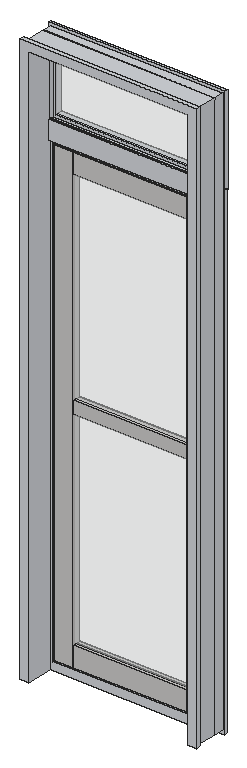
Revit family "APL Residential Thermal Heart Hinged Door with Overlight Open In", category Doors, host Wall, Revit 2017 (continued)
Definition of nested family "APL Residential Thermal Heart Hinged Door with Overlight Open In Vertical Section"
  Definition of nested family "65290_Vision Rail"
    Lines and regions (mm)
      model lines, in view "Ref. Level"
        curve 124: arc (0, 4.45, 0) -> (-0.128, 4.668, 0) -> (-0.381, 4.663, 0) r 0.25
        curve 125: arc (-0.466, 4.611, 0) -> (-0.572, 4.479, 0) -> (-0.569, 4.309, 0) r 0.25
        curve 126: arc (-1.823, 3.544, 0) -> (-1.898, 3.511, 0) -> (-1.979, 3.5, 0) r 0.3
        curve 127: arc (-2.5, 3.5, 0) -> (-2.658, 3.578, 0) -> (-2.694, 3.75, 0) r 0.2
        curve 128: arc (-2.5, 7.753, 0) -> (-2.526, 7.875, 0) -> (-2.6, 7.976, 0) r 0.3
        curve 129: arc (-2.6, 7.976, 0) -> (-2.68, 8.307, 0) -> (-2.4, 8.5, 0) r 0.3
        curve 130: arc (-0.179, 7.957, 0) -> (-0.09, 7.905, 0) -> (-0.038, 7.816, 0) r 0.2
        curve 131: arc (0.007, 7.648, 0) -> (0.148, 7.507, 0) -> (0.341, 7.559, 0) r 0.2
        curve 132: arc (0.705, 7.922, 0) -> (0.765, 8.008, 0) -> (0.792, 8.108, 0) r 0.3
        curve 133: arc (0.999, 10.474, 0) -> (0.883, 10.738, 0) -> (0.597, 10.782, 0) r 0.3
        curve 134: arc (-0.813, 10.268, 0) -> (-0.939, 10.181, 0) -> (-1.005, 10.043, 0) r 0.3
        curve 135: arc (-1.005, 10.043, 0) -> (-1.278, 9.801, 0) -> (-1.583, 10, 0) r 0.3
        curve 136: arc (-17.4, 10, 0) -> (-17.541, 9.941, 0) -> (-17.6, 9.8, 0) r 0.2
        curve 137: arc (-17.6, 9.5, 0) -> (-17.52, 9.2, 0) -> (-17.3, 8.98, 0) r 0.6
        curve 138: arc (-16.2, 8.345, 0) -> (-16.127, 8.272, 0) -> (-16.1, 8.172, 0) r 0.2
        curve 139: arc (-16.1, 2, 0) -> (-16.393, 1.293, 0) -> (-17.1, 1, 0) r 1
        curve 140: arc (-24.437, 1, 0) -> (-25.137, 1.286, 0) -> (-25.437, 1.98, 0) r 1
        curve 141: arc (-25.578, 8.935, 0) -> (-25.543, 9.052, 0) -> (-25.447, 9.127, 0) r 0.2
        curve 142: arc (-25.447, 9.127, 0) -> (-25.279, 9.234, 0) -> (-25.175, 9.403, 0) r 0.45
        curve 143: arc (-25.175, 9.403, 0) -> (-25.171, 9.522, 0) -> (-25.235, 9.621, 0) r 0.2
        curve 144: arc (-26.7, 10, 0) -> (-26.841, 9.941, 0) -> (-26.9, 9.8, 0) r 0.2
        curve 145: arc (-26.9, -9.8, 0) -> (-26.841, -9.941, 0) -> (-26.7, -10, 0) r 0.2
        curve 146: line (-14, -8.4, 0) -> (-10.312, -8.4, 0)
        curve 147: line (-4.297, -1.48, 0) -> (-2.5, -1.48, 0)
        curve 148: line (-2, -0.98, 0) -> (-2, 0.98, 0)
        curve 149: line (-2.5, 1.48, 0) -> (-4.297, 1.48, 0)
        curve 150: line (-10.312, 8.4, 0) -> (-14, 8.4, 0)
        curve 151: line (-14.5, 7.9, 0) -> (-14.5, -7.9, 0)
        curve 152: line (-25.578, -8.935, 0) -> (-25.437, -1.98, 0)
        curve 153: line (-24.437, -1, 0) -> (-17.1, -1, 0)
        curve 154: line (-16.1, -2, 0) -> (-16.1, -8.172, 0)
        curve 155: line (-16.2, -8.345, 0) -> (-17.3, -8.98, 0)
        curve 156: line (-17.6, -9.5, 0) -> (-17.6, -9.8, 0)
        curve 157: line (-17.4, -10, 0) -> (-1.583, -10, 0)
        curve 158: line (-0.813, -10.268, 0) -> (0.597, -10.782, 0)
        curve 159: line (0.999, -10.474, 0) -> (0.792, -8.108, 0)
        curve 160: line (0.705, -7.922, 0) -> (0.341, -7.559, 0)
        curve 161: line (0.007, -7.648, 0) -> (-0.038, -7.816, 0)
        curve 162: line (-0.038, -7.816, 0) -> (-2.168, -8.49, 0)
        curve 163: line (-2.168, -8.49, 0) -> (-2.4, -8.5, 0)
        curve 164: line (-2.5, -7.753, 0) -> (-2.5, -4.525, 0)
        curve 165: line (-2.5, -4.525, 0) -> (-2.694, -3.75, 0)
        curve 166: line (-2.5, -3.5, 0) -> (-1.979, -3.5, 0)
        curve 167: line (-1.979, -3.5, 0) -> (-0.569, -4.309, 0)
        curve 168: line (0, -4.45, 0) -> (0, 4.45, 0)
        curve 169: line (-0.569, 4.309, 0) -> (-1.823, 3.544, 0)
        curve 170: line (-1.823, 3.544, 0) -> (-2.5, 3.5, 0)
        curve 171: line (-2.694, 3.75, 0) -> (-2.506, 4.475, 0)
        curve 172: line (-2.506, 4.475, 0) -> (-2.5, 7.753, 0)
        curve 173: line (-2.246, 8.5, 0) -> (-0.179, 7.957, 0)
        curve 174: line (-0.179, 7.957, 0) -> (0.007, 7.648, 0)
        curve 175: line (0.341, 7.559, 0) -> (0.705, 7.922, 0)
        curve 176: line (0.792, 8.108, 0) -> (0.999, 10.474, 0)
        curve 177: line (0.597, 10.782, 0) -> (-0.813, 10.268, 0)
        curve 178: line (-1.583, 10, 0) -> (-17.4, 10, 0)
        curve 179: line (-17.6, 9.8, 0) -> (-17.6, 9.5, 0)
        curve 180: line (-17.3, 8.98, 0) -> (-16.2, 8.345, 0)
        curve 181: line (-16.1, 8.172, 0) -> (-16.1, 2, 0)
        curve 182: line (-17.1, 1, 0) -> (-24.437, 1, 0)
        curve 183: line (-25.437, 1.98, 0) -> (-25.578, 8.935, 0)
        curve 184: line (-25.235, 9.621, 0) -> (-25.631, 9.953, 0)
        curve 185: line (-25.631, 9.953, 0) -> (-26.7, 10, 0)
        curve 186: line (-26.9, 9.8, 0) -> (-26.9, 0, 0)
        curve 187: line (-26.9, 0, 0) -> (-26.9, -9.8, 0)
        curve 188: line (-26.7, -10, 0) -> (-25.759, -10, 0)
        curve 189: line (-25.759, -10, 0) -> (-25.235, -9.621, 0)
        curve 190: arc (-25.235, -9.621, 0) -> (-25.171, -9.522, 0) -> (-25.175, -9.403, 0) r 0.2
        curve 191: arc (-25.175, -9.403, 0) -> (-25.279, -9.234, 0) -> (-25.447, -9.127, 0) r 0.45
        curve 192: arc (-25.447, -9.127, 0) -> (-25.543, -9.052, 0) -> (-25.578, -8.935, 0) r 0.2
        curve 193: arc (19.005, 9.273, 0) -> (19.186, 9.44, 0) -> (19.424, 9.5, 0) r 0.5
        curve 194: arc (22.5, 9.5, 0) -> (22.854, 9.354, 0) -> (23, 9, 0) r 0.5
        curve 195: arc (23, -9, 0) -> (22.854, -9.354, 0) -> (22.5, -9.5, 0) r 0.5
        curve 196: arc (19.424, -9.5, 0) -> (19.186, -9.44, 0) -> (19.005, -9.273, 0) r 0.5
        curve 197: arc (19.005, -9.273, 0) -> (18.39, -8.706, 0) -> (17.58, -8.5, 0) r 1.7
        curve 198: arc (14.8, -8.5, 0) -> (14.446, -8.354, 0) -> (14.3, -8, 0) r 0.5
        curve 199: arc (14.3, -2, 0) -> (14.154, -1.646, 0) -> (13.8, -1.5, 0) r 0.5
        curve 200: arc (12.3, -1.5, 0) -> (11.946, -1.354, 0) -> (11.8, -1, 0) r 0.5
        curve 201: arc (11.8, 1, 0) -> (11.946, 1.354, 0) -> (12.3, 1.5, 0) r 0.5
        curve 202: arc (13.8, 1.5, 0) -> (14.154, 1.646, 0) -> (14.3, 2, 0) r 0.5
        curve 203: arc (14.3, 8, 0) -> (14.446, 8.354, 0) -> (14.8, 8.5, 0) r 0.5
        curve 204: arc (17.58, 8.5, 0) -> (18.39, 8.706, 0) -> (19.005, 9.273, 0) r 1.7
        curve 205: arc (10.805, -10.043, 0) -> (10.739, -10.181, 0) -> (10.613, -10.268, 0) r 0.3
        curve 206: arc (9.203, -10.782, 0) -> (8.917, -10.738, 0) -> (8.801, -10.474, 0) r 0.3
        curve 207: arc (9.008, -8.108, 0) -> (9.035, -8.008, 0) -> (9.095, -7.922, 0) r 0.3
        curve 208: arc (9.459, -7.559, 0) -> (9.652, -7.507, 0) -> (9.793, -7.648, 0) r 0.2
        curve 209: arc (9.838, -7.816, 0) -> (9.89, -7.905, 0) -> (9.979, -7.957, 0) r 0.2
        curve 210: arc (12.2, -8.5, 0) -> (12.48, -8.307, 0) -> (12.4, -7.976, 0) r 0.3
        curve 211: arc (12.4, -7.976, 0) -> (12.326, -7.875, 0) -> (12.3, -7.753, 0) r 0.3
        curve 212: arc (12.494, -3.75, 0) -> (12.458, -3.578, 0) -> (12.3, -3.5, 0) r 0.2
        curve 213: arc (11.779, -3.5, 0) -> (11.698, -3.511, 0) -> (11.623, -3.544, 0) r 0.3
        curve 214: arc (10.369, -4.309, 0) -> (10.372, -4.479, 0) -> (10.266, -4.611, 0) r 0.25
        curve 215: arc (10.18, -4.663, 0) -> (9.928, -4.668, 0) -> (9.8, -4.45, 0) r 0.25
        curve 216: arc (9.8, 4.45, 0) -> (9.928, 4.668, 0) -> (10.18, 4.663, 0) r 0.25
        curve 217: arc (10.266, 4.611, 0) -> (10.372, 4.479, 0) -> (10.369, 4.309, 0) r 0.25
        curve 218: arc (11.623, 3.544, 0) -> (11.698, 3.511, 0) -> (11.779, 3.5, 0) r 0.3
        curve 219: arc (12.3, 3.5, 0) -> (12.458, 3.578, 0) -> (12.494, 3.75, 0) r 0.2
        curve 220: arc (12.3, 7.753, 0) -> (12.326, 7.875, 0) -> (12.4, 7.976, 0) r 0.3
        curve 221: arc (12.4, 7.976, 0) -> (12.48, 8.307, 0) -> (12.2, 8.5, 0) r 0.3
        curve 222: arc (9.979, 7.957, 0) -> (9.89, 7.905, 0) -> (9.838, 7.816, 0) r 0.2
        curve 223: arc (9.793, 7.648, 0) -> (9.652, 7.507, 0) -> (9.459, 7.559, 0) r 0.2
        curve 224: arc (9.095, 7.922, 0) -> (9.035, 8.008, 0) -> (9.008, 8.108, 0) r 0.3
        curve 225: arc (8.801, 10.474, 0) -> (8.917, 10.738, 0) -> (9.203, 10.782, 0) r 0.3
        curve 226: arc (10.613, 10.268, 0) -> (10.739, 10.181, 0) -> (10.805, 10.043, 0) r 0.3
        curve 227: arc (10.805, 10.043, 0) -> (11.078, 9.801, 0) -> (11.383, 10, 0) r 0.3
        curve 228: arc (17.58, 10, 0) -> (17.721, 10.059, 0) -> (17.78, 10.2, 0) r 0.2
        curve 229: arc (17.78, 10.8, 0) -> (17.839, 10.941, 0) -> (17.98, 11, 0) r 0.2
        curve 230: arc (22.8, 11, 0) -> (22.941, 11.059, 0) -> (23, 11.2, 0) r 0.2
        curve 231: arc (23, 27, 0) -> (22.854, 27.354, 0) -> (22.5, 27.5, 0) r 0.5
        curve 232: arc (20.1, 27.5, 0) -> (19.746, 27.354, 0) -> (19.6, 27, 0) r 0.5
        curve 233: arc (19.6, 21.7, 0) -> (19.541, 21.559, 0) -> (19.4, 21.5, 0) r 0.2
        curve 234: arc (15.8, 21.5, 0) -> (15.659, 21.559, 0) -> (15.6, 21.7, 0) r 0.2
        curve 235: arc (15.6, 23.25, 0) -> (16.1, 23.75, 0) -> (16.6, 23.25, 0) r 0.5
        curve 236: arc (16.6, 22.7, 0) -> (16.659, 22.559, 0) -> (16.8, 22.5, 0) r 0.2
        curve 237: arc (17.9, 22.5, 0) -> (18.041, 22.559, 0) -> (18.1, 22.7, 0) r 0.2
        curve 238: arc (18.1, 27.8, 0) -> (18.041, 27.941, 0) -> (17.9, 28, 0) r 0.2
        curve 239: arc (16.8, 28, 0) -> (16.659, 27.941, 0) -> (16.6, 27.8, 0) r 0.2
        curve 240: arc (16.6, 27.25, 0) -> (16.1, 26.75, 0) -> (15.6, 27.25, 0) r 0.5
        curve 241: arc (15.6, 28.5, 0) -> (15.746, 28.854, 0) -> (16.1, 29, 0) r 0.5
        curve 242: arc (24, 29, 0) -> (24.354, 28.854, 0) -> (24.5, 28.5, 0) r 0.5
        curve 243: arc (24.5, -28.5, 0) -> (24.354, -28.854, 0) -> (24, -29, 0) r 0.5
        curve 244: arc (16.1, -29, 0) -> (15.746, -28.854, 0) -> (15.6, -28.5, 0) r 0.5
        curve 245: arc (15.6, -27.25, 0) -> (16.1, -26.75, 0) -> (16.6, -27.25, 0) r 0.5
        curve 246: arc (16.6, -27.8, 0) -> (16.659, -27.941, 0) -> (16.8, -28, 0) r 0.2
        curve 247: arc (17.9, -28, 0) -> (18.041, -27.941, 0) -> (18.1, -27.8, 0) r 0.2
        curve 248: arc (18.1, -22.7, 0) -> (18.041, -22.559, 0) -> (17.9, -22.5, 0) r 0.2
        curve 249: arc (16.8, -22.5, 0) -> (16.659, -22.559, 0) -> (16.6, -22.7, 0) r 0.2
        curve 250: arc (16.6, -23.25, 0) -> (16.1, -23.75, 0) -> (15.6, -23.25, 0) r 0.5
        curve 251: arc (15.6, -21.7, 0) -> (15.659, -21.559, 0) -> (15.8, -21.5, 0) r 0.2
        curve 252: arc (19.4, -21.5, 0) -> (19.541, -21.559, 0) -> (19.6, -21.7, 0) r 0.2
        curve 253: arc (19.6, -27, 0) -> (19.746, -27.354, 0) -> (20.1, -27.5, 0) r 0.5
        curve 254: arc (22.5, -27.5, 0) -> (22.854, -27.354, 0) -> (23, -27, 0) r 0.5
        curve 255: arc (23, -11.2, 0) -> (22.941, -11.059, 0) -> (22.8, -11, 0) r 0.2
        curve 256: arc (17.98, -11, 0) -> (17.839, -10.941, 0) -> (17.78, -10.8, 0) r 0.2
        curve 257: arc (17.78, -10.2, 0) -> (17.721, -10.059, 0) -> (17.58, -10, 0) r 0.2
        curve 258: line (19.424, 9.5, 0) -> (22.5, 9.5, 0)
        curve 259: line (23, 9, 0) -> (23, -9, 0)
        curve 260: line (22.5, -9.5, 0) -> (19.424, -9.5, 0)
        curve 261: line (17.58, -8.5, 0) -> (14.8, -8.5, 0)
        curve 262: line (14.3, -8, 0) -> (14.3, -2, 0)
        curve 263: line (13.8, -1.5, 0) -> (12.3, -1.5, 0)
        curve 264: line (11.8, -1, 0) -> (11.8, 1, 0)
        curve 265: line (12.3, 1.5, 0) -> (13.8, 1.5, 0)
        curve 266: line (14.3, 2, 0) -> (14.3, 8, 0)
        curve 267: line (14.8, 8.5, 0) -> (17.58, 8.5, 0)
        curve 268: line (10.613, -10.268, 0) -> (9.203, -10.782, 0)
        curve 269: line (8.801, -10.474, 0) -> (9.008, -8.108, 0)
        curve 270: line (9.095, -7.922, 0) -> (9.459, -7.559, 0)
        curve 271: line (9.793, -7.648, 0) -> (9.838, -7.816, 0)
        curve 272: line (9.838, -7.816, 0) -> (11.968, -8.49, 0)
        curve 273: line (11.968, -8.49, 0) -> (12.2, -8.5, 0)
        curve 274: line (12.3, -7.753, 0) -> (12.3, -4.525, 0)
        curve 275: line (12.3, -4.525, 0) -> (12.494, -3.75, 0)
        curve 276: line (12.3, -3.5, 0) -> (11.779, -3.5, 0)
        curve 277: line (11.779, -3.5, 0) -> (10.369, -4.309, 0)
        curve 278: line (9.8, -4.45, 0) -> (9.8, 4.45, 0)
        curve 279: line (10.369, 4.309, 0) -> (11.623, 3.544, 0)
        curve 280: line (11.623, 3.544, 0) -> (12.3, 3.5, 0)
        curve 281: line (12.494, 3.75, 0) -> (12.3, 4.5, 0)
        curve 282: line (12.306, 4.475, 0) -> (12.3, 7.753, 0)
        curve 283: line (12.046, 8.5, 0) -> (9.979, 7.957, 0)
        curve 284: line (9.979, 7.957, 0) -> (9.793, 7.648, 0)
        curve 285: line (9.459, 7.559, 0) -> (9.095, 7.922, 0)
        curve 286: line (9.008, 8.108, 0) -> (8.801, 10.474, 0)
        curve 287: line (9.203, 10.782, 0) -> (10.613, 10.268, 0)
        curve 288: line (11.383, 10, 0) -> (17.58, 10, 0)
        curve 289: line (17.78, 10.2, 0) -> (17.78, 10.8, 0)
        curve 290: line (17.98, 11, 0) -> (22.8, 11, 0)
        curve 291: line (23, 11.2, 0) -> (23, 27, 0)
        curve 292: line (22.5, 27.5, 0) -> (20.1, 27.5, 0)
        curve 293: line (19.6, 27, 0) -> (19.6, 21.7, 0)
        curve 294: line (19.4, 21.5, 0) -> (15.8, 21.5, 0)
        curve 295: line (15.6, 21.7, 0) -> (15.6, 23.25, 0)
        curve 296: line (16.6, 23.25, 0) -> (16.6, 22.7, 0)
        curve 297: line (16.8, 22.5, 0) -> (17.9, 22.5, 0)
        curve 298: line (18.1, 22.7, 0) -> (18.1, 27.8, 0)
        curve 299: line (17.9, 28, 0) -> (16.8, 28, 0)
        curve 300: line (16.6, 27.8, 0) -> (16.6, 27.25, 0)
        curve 301: line (15.6, 27.25, 0) -> (15.6, 28.5, 0)
        curve 302: line (16.1, 29, 0) -> (24, 29, 0)
        curve 303: line (24.5, 28.5, 0) -> (24.5, 0, 0)
        curve 304: line (24.5, 0, 0) -> (24.5, -28.5, 0)
        curve 305: line (24, -29, 0) -> (16.1, -29, 0)
        curve 306: line (15.6, -28.5, 0) -> (15.6, -27.25, 0)
        curve 307: line (16.6, -27.25, 0) -> (16.6, -27.8, 0)
        curve 308: line (16.8, -28, 0) -> (17.9, -28, 0)
        curve 309: line (18.1, -27.8, 0) -> (18.1, -22.7, 0)
        curve 310: line (17.9, -22.5, 0) -> (16.8, -22.5, 0)
        curve 311: line (16.6, -22.7, 0) -> (16.6, -23.25, 0)
        curve 312: line (15.6, -23.25, 0) -> (15.6, -21.7, 0)
        curve 313: line (15.8, -21.5, 0) -> (19.4, -21.5, 0)
        curve 314: line (19.6, -21.7, 0) -> (19.6, -27, 0)
        curve 315: line (20.1, -27.5, 0) -> (22.5, -27.5, 0)
        curve 316: line (23, -27, 0) -> (23, -11.2, 0)
        curve 317: line (22.8, -11, 0) -> (17.98, -11, 0)
        curve 318: line (17.78, -10.8, 0) -> (17.78, -10.2, 0)
        curve 319: line (17.58, -10, 0) -> (11.383, -10, 0)
        curve 320: arc (11.383, -10, 0) -> (11.078, -9.801, 0) -> (10.805, -10.043, 0) r 0.3
      detail lines, in view "Ref. Level"
        curve 321: arc (13.882, 30.356, 0) -> (13.572, 30.496, 0) -> (13.409, 30.197, 0) r 0.25
        curve 322: arc (13.436, 20.309, 0) -> (13.598, 20.009, 0) -> (13.908, 20.149, 0) r 0.25
        curve 323: line (13.409, 30.197, 0) -> (14.403, 26.329, 0)
        curve 324: line (14.403, 26.329, 0) -> (13.4, 25.75, 0)
        curve 325: line (13.4, 25.75, 0) -> (13.4, 24.75, 0)
        curve 326: line (13.4, 24.75, 0) -> (14.425, 24.158, 0)
        curve 327: line (14.425, 24.158, 0) -> (13.436, 20.309, 0)
        curve 328: line (13.908, 20.149, 0) -> (15.632, 24.25, 0)
        curve 329: line (15.632, 24.25, 0) -> (16.9, 24.25, 0)
        curve 330: line (16.9, 24.25, 0) -> (16.9, 23, 0)
        curve 331: line (16.9, 23, 0) -> (17.9, 23, 0)
        curve 332: line (17.9, 23, 0) -> (17.9, 27.5, 0)
        curve 333: line (17.9, 27.5, 0) -> (16.9, 27.5, 0)
        curve 334: line (16.9, 27.5, 0) -> (16.9, 26.25, 0)
        curve 335: line (16.9, 26.25, 0) -> (15.608, 26.25, 0)
        curve 336: line (15.608, 26.25, 0) -> (13.882, 30.356, 0)
        curve 353: arc (13.882, -30.356, 0) -> (13.572, -30.496, 0) -> (13.409, -30.197, 0) r 0.25
        curve 354: arc (13.436, -20.309, 0) -> (13.598, -20.009, 0) -> (13.908, -20.149, 0) r 0.25
        curve 355: line (13.409, -30.197, 0) -> (14.403, -26.329, 0)
        curve 356: line (14.403, -26.329, 0) -> (13.4, -25.75, 0)
        curve 357: line (13.4, -25.75, 0) -> (13.4, -24.75, 0)
        curve 358: line (13.4, -24.75, 0) -> (14.425, -24.158, 0)
        curve 359: line (14.425, -24.158, 0) -> (13.436, -20.309, 0)
        curve 360: line (13.908, -20.149, 0) -> (15.632, -24.25, 0)
        curve 361: line (15.632, -24.25, 0) -> (16.9, -24.25, 0)
        curve 362: line (16.9, -24.25, 0) -> (16.9, -23, 0)
        curve 363: line (16.9, -23, 0) -> (17.9, -23, 0)
        curve 364: line (17.9, -23, 0) -> (17.9, -27.5, 0)
        curve 365: line (17.9, -27.5, 0) -> (16.9, -27.5, 0)
        curve 366: line (16.9, -27.5, 0) -> (16.9, -26.25, 0)
        curve 367: line (16.9, -26.25, 0) -> (15.608, -26.25, 0)
        curve 368: line (15.608, -26.25, 0) -> (13.882, -30.356, 0)
      detail lines, in view "Ref. Level", not visible
        curve 337: arc (27.921, 135.423, 0) -> (27.611, 135.563, 0) -> (27.449, 135.264, 0) r 0.25
        curve 338: arc (27.475, 125.376, 0) -> (27.637, 125.077, 0) -> (27.948, 125.217, 0) r 0.25
        curve 339: line (27.449, 135.264, 0) -> (28.443, 131.396, 0)
        curve 340: line (28.443, 131.396, 0) -> (27.439, 130.817, 0)
        curve 341: line (27.439, 130.817, 0) -> (27.439, 129.817, 0)
        curve 342: line (27.439, 129.817, 0) -> (28.465, 129.225, 0)
        curve 343: line (28.465, 129.225, 0) -> (27.475, 125.376, 0)
        curve 344: line (27.948, 125.217, 0) -> (29.672, 129.317, 0)
        curve 345: line (29.672, 129.317, 0) -> (30.939, 129.317, 0)
        curve 346: line (30.939, 129.317, 0) -> (30.939, 128.067, 0)
        curve 347: line (30.939, 128.067, 0) -> (31.939, 128.067, 0)
        curve 348: line (31.939, 128.067, 0) -> (31.939, 132.567, 0)
        curve 349: line (31.939, 132.567, 0) -> (30.939, 132.567, 0)
        curve 350: line (30.939, 132.567, 0) -> (30.939, 131.317, 0)
        curve 351: line (30.939, 131.317, 0) -> (29.647, 131.317, 0)
        curve 352: line (29.647, 131.317, 0) -> (27.921, 135.423, 0)
    Text (mm)
      text "65290" at (-27.345, 32.26, 0), in view "Ref. Level"
  Definition of nested family "65180_Sidelight Frame"
    Reference planes
      plane 1 "Center (Front/Back)": y = 0
      plane 2: z = 0
      plane 3 "Center (Left/Right)": x = 0
    Lines and regions (mm)
      model lines, in view "Ref. Level"
        curve 1: arc (13.922, -26.595, 0) -> (14.008, -26.535, 0) -> (14.108, -26.508, 0) r 0.3
        curve 2: arc (16.474, -26.301, 0) -> (16.738, -26.417, 0) -> (16.782, -26.703, 0) r 0.3
        curve 3: arc (16.268, -28.113, 0) -> (16.181, -28.239, 0) -> (16.043, -28.305, 0) r 0.3
        curve 4: arc (16.043, -28.305, 0) -> (15.801, -28.578, 0) -> (16, -28.883, 0) r 0.3
        curve 5: arc (16, -33, 0) -> (15.941, -33.141, 0) -> (15.8, -33.2, 0) r 0.2
        curve 6: arc (15.5, -33.2, 0) -> (15.2, -33.12, 0) -> (14.98, -32.9, 0) r 0.6
        curve 7: arc (14.345, -31.8, 0) -> (14.272, -31.727, 0) -> (14.172, -31.7, 0) r 0.2
        curve 8: arc (-2.699, -31.7, 0) -> (-3.407, -31.993, 0) -> (-3.7, -32.7, 0) r 1
        curve 9: arc (-3.7, -34.764, 0) -> (-3.662, -34.956, 0) -> (-3.554, -35.118, 0) r 0.5
        curve 10: arc (1.791, -40.463, 0) -> (2.1, -40.673, 0) -> (2.463, -40.755, 0) r 1
        curve 11: arc (14.935, -41.178, 0) -> (15.052, -41.143, 0) -> (15.127, -41.047, 0) r 0.2
        curve 12: arc (15.127, -41.047, 0) -> (15.234, -40.879, 0) -> (15.403, -40.775, 0) r 0.45
        curve 13: arc (15.403, -40.775, 0) -> (15.522, -40.771, 0) -> (15.621, -40.835, 0) r 0.2
        curve 14: arc (16, -42.3, 0) -> (15.941, -42.441, 0) -> (15.8, -42.5, 0) r 0.2
        curve 15: arc (2.243, -42.5, 0) -> (1.095, -42.272, 0) -> (0.121, -41.621, 0) r 3
        curve 16: arc (-4.121, -37.379, 0) -> (-5.095, -36.728, 0) -> (-6.243, -36.5, 0) r 3
        curve 17: arc (-19, -36.5, 0) -> (-19.707, -36.207, 0) -> (-20, -35.5, 0) r 1
        curve 18: arc (-20, -29.708, 0) -> (-19.944, -29.561, 0) -> (-19.8, -29.5, 0) r 0.2
        curve 19: arc (-19, -29.5, 0) -> (-18.859, -29.559, 0) -> (-18.8, -29.7, 0) r 0.2
        curve 20: arc (-18.8, -29.995, 0) -> (-18.547, -30.43, 0) -> (-18.044, -30.424, 0) r 0.5
        curve 21: arc (-18.044, -30.424, 0) -> (-16.297, -30.007, 0) -> (-14.624, -30.663, 0) r 3
        curve 22: arc (-14.624, -30.663, 0) -> (-14.512, -31.7, 0) -> (-15.549, -31.812, 0) r 0.737
        curve 23: arc (-15.549, -31.812, 0) -> (-16.505, -31.475, 0) -> (-17.461, -31.812, 0) r 1.525
        curve 24: arc (-17.461, -31.812, 0) -> (-17.612, -31.906, 0) -> (-17.78, -31.961, 0) r 0.737
        curve 25: arc (-17.78, -31.961, 0) -> (-17.992, -32.058, 0) -> (-18.137, -32.24, 0) r 0.5
        curve 26: arc (-18.137, -32.24, 0) -> (-18.305, -33, 0) -> (-18.136, -33.76, 0) r 1.8
        curve 27: arc (-18.136, -33.76, 0) -> (-17.992, -33.942, 0) -> (-17.781, -34.039, 0) r 0.5
        curve 28: arc (-17.781, -34.039, 0) -> (-17.613, -34.094, 0) -> (-17.462, -34.187, 0) r 0.75
        curve 29: arc (-17.462, -34.187, 0) -> (-16.505, -34.525, 0) -> (-15.548, -34.187, 0) r 1.525
        curve 30: arc (-15.548, -34.187, 0) -> (-14.677, -34.143, 0) -> (-14.353, -34.952, 0) r 0.75
        curve 31: arc (-14.353, -34.952, 0) -> (-14.316, -35.123, 0) -> (-14.159, -35.2, 0) r 0.2
        curve 32: arc (-6.7, -35.2, 0) -> (-6.346, -35.053, 0) -> (-6.2, -34.7, 0) r 0.5
        curve 33: arc (-6.2, -32.7, 0) -> (-5.175, -30.225, 0) -> (-2.7, -29.2, 0) r 3.5
        curve 34: arc (-0.2, -29.2, 0) -> (-0.059, -29.141, 0) -> (0, -29, 0) r 0.2
        curve 35: arc (0, -28.883, 0) -> (0.199, -28.578, 0) -> (-0.043, -28.305, 0) r 0.3
        curve 36: arc (-0.043, -28.305, 0) -> (-0.181, -28.239, 0) -> (-0.268, -28.113, 0) r 0.3
        curve 37: arc (-0.782, -26.703, 0) -> (-0.738, -26.417, 0) -> (-0.474, -26.301, 0) r 0.3
        curve 38: arc (1.892, -26.508, 0) -> (1.992, -26.535, 0) -> (2.078, -26.595, 0) r 0.3
        curve 39: arc (2.441, -26.959, 0) -> (2.493, -27.152, 0) -> (2.352, -27.293, 0) r 0.2
        curve 40: arc (2.184, -27.338, 0) -> (2.095, -27.39, 0) -> (2.043, -27.479, 0) r 0.2
        curve 41: arc (1.5, -29.7, 0) -> (1.693, -29.98, 0) -> (2.024, -29.9, 0) r 0.3
        curve 42: arc (2.024, -29.9, 0) -> (2.125, -29.826, 0) -> (2.247, -29.8, 0) r 0.3
        curve 43: arc (6.25, -29.994, 0) -> (6.422, -29.958, 0) -> (6.5, -29.8, 0) r 0.2
        curve 44: arc (6.5, -29.279, 0) -> (6.489, -29.198, 0) -> (6.456, -29.123, 0) r 0.3
        curve 45: arc (5.691, -27.869, 0) -> (5.521, -27.872, 0) -> (5.389, -27.766, 0) r 0.25
        curve 46: arc (5.337, -27.68, 0) -> (5.332, -27.428, 0) -> (5.55, -27.3, 0) r 0.25
        curve 47: arc (7.125, -27.3, 0) -> (7.522, -27.382, 0) -> (7.854, -27.615, 0) r 1
        curve 48: arc (7.854, -27.615, 0) -> (8, -27.678, 0) -> (8.146, -27.615, 0) r 0.2
        curve 49: arc (8.146, -27.615, 0) -> (8.477, -27.382, 0) -> (8.874, -27.3, 0) r 1
        curve 50: arc (10.45, -27.3, 0) -> (10.668, -27.427, 0) -> (10.663, -27.68, 0) r 0.25
        curve 51: arc (10.611, -27.766, 0) -> (10.479, -27.872, 0) -> (10.309, -27.869, 0) r 0.25
        curve 52: arc (9.544, -29.123, 0) -> (9.511, -29.198, 0) -> (9.5, -29.279, 0) r 0.3
        curve 53: arc (9.5, -29.8, 0) -> (9.578, -29.958, 0) -> (9.75, -29.994, 0) r 0.2
        curve 54: arc (13.753, -29.8, 0) -> (13.875, -29.826, 0) -> (13.976, -29.9, 0) r 0.3
        curve 55: arc (13.976, -29.9, 0) -> (14.307, -29.98, 0) -> (14.5, -29.7, 0) r 0.3
        curve 56: arc (13.957, -27.479, 0) -> (13.905, -27.39, 0) -> (13.816, -27.338, 0) r 0.2
        curve 57: arc (13.648, -27.293, 0) -> (13.507, -27.152, 0) -> (13.559, -26.959, 0) r 0.2
        curve 58: line (14.108, -26.508, 0) -> (16.474, -26.301, 0)
        curve 59: line (16.782, -26.703, 0) -> (16.268, -28.113, 0)
        curve 60: line (16, -28.883, 0) -> (16, -33, 0)
        curve 61: line (15.8, -33.2, 0) -> (15.5, -33.2, 0)
        curve 62: line (14.98, -32.9, 0) -> (14.345, -31.8, 0)
        curve 63: line (14.172, -31.7, 0) -> (-2.699, -31.7, 0)
        curve 64: line (-3.7, -32.7, 0) -> (-3.7, -34.764, 0)
        curve 65: line (-3.554, -35.118, 0) -> (1.791, -40.463, 0)
        curve 66: line (2.463, -40.755, 0) -> (14, -41.158, 0)
        curve 67: line (14, -41.158, 0) -> (14.935, -41.178, 0)
        curve 68: line (15.621, -40.835, 0) -> (15.953, -41.231, 0)
        curve 69: line (15.953, -41.231, 0) -> (16, -42.3, 0)
        curve 70: line (15.8, -42.5, 0) -> (2.243, -42.5, 0)
        curve 71: line (0.121, -41.621, 0) -> (-4.121, -37.379, 0)
        curve 72: line (-6.243, -36.5, 0) -> (-19, -36.5, 0)
        curve 73: line (-20, -35.5, 0) -> (-20, -29.708, 0)
        curve 74: line (-19.8, -29.5, 0) -> (-19, -29.5, 0)
        curve 75: line (-18.8, -29.7, 0) -> (-18.8, -29.995, 0)
        curve 76: line (-14.159, -35.2, 0) -> (-6.7, -35.2, 0)
        curve 77: line (-6.2, -34.7, 0) -> (-6.2, -32.7, 0)
        curve 78: line (-2.7, -29.2, 0) -> (-0.2, -29.2, 0)
        curve 79: line (-0.268, -28.113, 0) -> (-0.782, -26.703, 0)
        curve 80: line (-0.474, -26.301, 0) -> (1.892, -26.508, 0)
        curve 81: line (2.078, -26.595, 0) -> (2.441, -26.959, 0)
        curve 82: line (2.352, -27.293, 0) -> (2.184, -27.338, 0)
        curve 83: line (2.184, -27.338, 0) -> (1.51, -29.468, 0)
        curve 84: line (1.51, -29.468, 0) -> (1.5, -29.7, 0)
        curve 85: line (2.247, -29.8, 0) -> (5.475, -29.8, 0)
        curve 86: line (5.475, -29.8, 0) -> (6.25, -29.994, 0)
        curve 87: line (6.5, -29.8, 0) -> (6.5, -29.279, 0)
        curve 88: line (6.5, -29.279, 0) -> (5.691, -27.869, 0)
        curve 89: line (5.55, -27.3, 0) -> (7.125, -27.3, 0)
        curve 90: line (8.874, -27.3, 0) -> (10.45, -27.3, 0)
        curve 91: line (10.309, -27.869, 0) -> (9.544, -29.123, 0)
        curve 92: line (9.544, -29.123, 0) -> (9.5, -29.8, 0)
        curve 93: line (9.75, -29.994, 0) -> (10.5, -29.8, 0)
        curve 94: line (10.475, -29.806, 0) -> (13.753, -29.8, 0)
        curve 95: line (14.5, -29.546, 0) -> (13.957, -27.479, 0)
        curve 96: line (13.957, -27.479, 0) -> (13.648, -27.293, 0)
        curve 97: line (13.559, -26.959, 0) -> (13.922, -26.595, 0)
        curve 98: arc (5.6, -29.8, 0) -> (5.883, -29.683, 0) -> (6, -29.4, 0) r 0.4
        curve 99: arc (6, -29.107, 0) -> (5.986, -29.004, 0) -> (5.946, -28.907, 0) r 0.4
        curve 100: arc (5.061, -27.379, 0) -> (4.941, -27.089, 0) -> (4.9, -26.778, 0) r 1.2
        curve 101: arc (4.9, -25.855, 0) -> (4.719, -25.282, 0) -> (4.242, -24.916, 0) r 1
        curve 102: arc (2.063, -24.123, 0) -> (1.872, -23.976, 0) -> (1.8, -23.747, 0) r 0.4
        curve 103: arc (1.8, -21.053, 0) -> (1.872, -20.824, 0) -> (2.063, -20.677, 0) r 0.4
        curve 104: arc (4.242, -19.884, 0) -> (4.719, -19.518, 0) -> (4.9, -18.945, 0) r 1
        curve 105: arc (4.9, -18.022, 0) -> (4.941, -17.711, 0) -> (5.061, -17.421, 0) r 1.2
        curve 106: arc (5.946, -15.893, 0) -> (5.986, -15.796, 0) -> (6, -15.693, 0) r 0.4
        curve 107: arc (6, -15.4, 0) -> (5.883, -15.117, 0) -> (5.6, -15, 0) r 0.4
        curve 108: arc (2.2, -15, 0) -> (1.917, -15.117, 0) -> (1.8, -15.4, 0) r 0.4
        curve 109: arc (1.8, -15.693, 0) -> (1.814, -15.796, 0) -> (1.854, -15.893, 0) r 0.4
        curve 110: arc (2.739, -17.421, 0) -> (2.86, -17.715, 0) -> (2.9, -18.03, 0) r 1.2
        curve 111: arc (2.9, -18.03, 0) -> (2.847, -18.205, 0) -> (2.703, -18.316, 0) r 0.3
        curve 112: arc (0.263, -19.204, 0) -> (0.072, -19.351, 0) -> (0, -19.58, 0) r 0.4
        curve 113: arc (0, -25.22, 0) -> (0.072, -25.449, 0) -> (0.263, -25.596, 0) r 0.4
        curve 114: arc (2.703, -26.484, 0) -> (2.847, -26.595, 0) -> (2.9, -26.77, 0) r 0.3
        curve 115: arc (2.9, -26.77, 0) -> (2.86, -27.085, 0) -> (2.739, -27.379, 0) r 1.2
        curve 116: arc (1.854, -28.907, 0) -> (1.814, -29.004, 0) -> (1.8, -29.107, 0) r 0.4
        curve 117: arc (1.8, -29.4, 0) -> (1.917, -29.683, 0) -> (2.2, -29.8, 0) r 0.4
        curve 118: line (6, -29.4, 0) -> (6, -29.107, 0)
        curve 119: line (5.946, -28.907, 0) -> (5.061, -27.379, 0)
        curve 120: line (4.9, -26.778, 0) -> (4.9, -25.855, 0)
        curve 121: line (4.242, -24.916, 0) -> (2.063, -24.123, 0)
        curve 122: line (1.8, -23.747, 0) -> (1.8, -21.053, 0)
        curve 123: line (2.063, -20.677, 0) -> (4.242, -19.884, 0)
        curve 124: line (4.9, -18.945, 0) -> (4.9, -18.022, 0)
        curve 125: line (5.061, -17.421, 0) -> (5.946, -15.893, 0)
        curve 126: line (6, -15.693, 0) -> (6, -15.4, 0)
        curve 127: line (5.6, -15, 0) -> (2.2, -15, 0)
        curve 128: line (1.8, -15.4, 0) -> (1.8, -15.693, 0)
        curve 129: line (1.854, -15.893, 0) -> (2.739, -17.421, 0)
        curve 130: line (2.703, -18.316, 0) -> (0.263, -19.204, 0)
        curve 131: line (0, -19.58, 0) -> (0, -25.22, 0)
        curve 132: line (0.263, -25.596, 0) -> (2.703, -26.484, 0)
        curve 133: line (2.739, -27.379, 0) -> (1.854, -28.907, 0)
        curve 134: line (1.8, -29.107, 0) -> (1.8, -29.4, 0)
        curve 135: line (2.2, -29.8, 0) -> (5.6, -29.8, 0)
        curve 136: arc (10.4, -29.8, 0) -> (10.117, -29.683, 0) -> (10, -29.4, 0) r 0.4
        curve 137: arc (10, -29.107, 0) -> (10.014, -29.004, 0) -> (10.054, -28.907, 0) r 0.4
        curve 138: arc (10.939, -27.379, 0) -> (11.059, -27.089, 0) -> (11.1, -26.778, 0) r 1.2
        curve 139: arc (11.1, -25.855, 0) -> (11.281, -25.282, 0) -> (11.758, -24.916, 0) r 1
        curve 140: arc (13.937, -24.123, 0) -> (14.128, -23.976, 0) -> (14.2, -23.747, 0) r 0.4
        curve 141: arc (14.2, -21.053, 0) -> (14.128, -20.824, 0) -> (13.937, -20.677, 0) r 0.4
        curve 142: arc (11.758, -19.884, 0) -> (11.281, -19.518, 0) -> (11.1, -18.945, 0) r 1
        curve 143: arc (11.1, -18.022, 0) -> (11.059, -17.711, 0) -> (10.939, -17.421, 0) r 1.2
        curve 144: arc (10.054, -15.893, 0) -> (10.014, -15.796, 0) -> (10, -15.693, 0) r 0.4
        curve 145: arc (10, -15.4, 0) -> (10.117, -15.117, 0) -> (10.4, -15, 0) r 0.4
        curve 146: arc (13.8, -15, 0) -> (14.083, -15.117, 0) -> (14.2, -15.4, 0) r 0.4
        curve 147: arc (14.2, -15.693, 0) -> (14.186, -15.796, 0) -> (14.146, -15.893, 0) r 0.4
        curve 148: arc (13.261, -17.421, 0) -> (13.14, -17.715, 0) -> (13.1, -18.03, 0) r 1.2
        curve 149: arc (13.1, -18.03, 0) -> (13.153, -18.205, 0) -> (13.297, -18.316, 0) r 0.3
        curve 150: arc (15.737, -19.204, 0) -> (15.928, -19.351, 0) -> (16, -19.58, 0) r 0.4
        curve 151: arc (16, -25.22, 0) -> (15.928, -25.449, 0) -> (15.737, -25.596, 0) r 0.4
        curve 152: arc (13.297, -26.484, 0) -> (13.153, -26.595, 0) -> (13.1, -26.77, 0) r 0.3
        curve 153: arc (13.1, -26.77, 0) -> (13.14, -27.085, 0) -> (13.261, -27.379, 0) r 1.2
        curve 154: arc (14.146, -28.907, 0) -> (14.186, -29.004, 0) -> (14.2, -29.107, 0) r 0.4
        curve 155: arc (14.2, -29.4, 0) -> (14.083, -29.683, 0) -> (13.8, -29.8, 0) r 0.4
        curve 156: line (10, -29.4, 0) -> (10, -29.107, 0)
        curve 157: line (10.054, -28.907, 0) -> (10.939, -27.379, 0)
        curve 158: line (11.1, -26.778, 0) -> (11.1, -25.855, 0)
        curve 159: line (11.758, -24.916, 0) -> (13.937, -24.123, 0)
        curve 160: line (14.2, -23.747, 0) -> (14.2, -21.053, 0)
        curve 161: line (13.937, -20.677, 0) -> (11.758, -19.884, 0)
        curve 162: line (11.1, -18.945, 0) -> (11.1, -18.022, 0)
        curve 163: line (10.939, -17.421, 0) -> (10.054, -15.893, 0)
        curve 164: line (10, -15.693, 0) -> (10, -15.4, 0)
        curve 165: line (10.4, -15, 0) -> (13.8, -15, 0)
        curve 166: line (14.2, -15.4, 0) -> (14.2, -15.693, 0)
        curve 167: line (14.146, -15.893, 0) -> (13.261, -17.421, 0)
        curve 168: line (13.297, -18.316, 0) -> (15.737, -19.204, 0)
        curve 169: line (16, -19.58, 0) -> (16, -25.22, 0)
        curve 170: line (15.737, -25.596, 0) -> (13.297, -26.484, 0)
        curve 171: line (13.261, -27.379, 0) -> (14.146, -28.907, 0)
        curve 172: line (14.2, -29.107, 0) -> (14.2, -29.4, 0)
        curve 173: line (13.8, -29.8, 0) -> (10.4, -29.8, 0)
        curve 174: arc (20.188, 16.327, 0) -> (20.255, 16.451, 0) -> (20.387, 16.5, 0) r 0.2
        curve 175: arc (20.7, 16.5, 0) -> (20.841, 16.559, 0) -> (20.9, 16.7, 0) r 0.2
        curve 176: arc (20.9, 20, 0) -> (21.4, 20.5, 0) -> (21.9, 20, 0) r 0.5
        curve 177: arc (21.9, 16.5, 0) -> (21.349, 14.768, 0) -> (19.9, 13.672, 0) r 3
        curve 178: arc (19.9, 13.672, 0) -> (18.451, 12.575, 0) -> (17.9, 10.843, 0) r 3
        curve 179: arc (17.9, 6.583, 0) -> (18.701, 4.543, 0) -> (20.676, 3.592, 0) r 3
        curve 180: arc (34.8, 3.5, 0) -> (34.941, 3.441, 0) -> (35, 3.3, 0) r 0.2
        curve 181: arc (35, 0.2, 0) -> (34.941, 0.059, 0) -> (34.8, 0, 0) r 0.2
        curve 182: arc (33.25, 0, 0) -> (32.749, 0.499, 0) -> (33.249, 1, 0) r 0.5
        curve 183: arc (29.249, 1, 0) -> (29.749, 0.5, 0) -> (29.249, 0, 0) r 0.5
        curve 184: arc (28.5, 0, 0) -> (27.793, 0.293, 0) -> (27.5, 1, 0) r 1
        curve 185: arc (27.5, 1.9, 0) -> (27.441, 2.041, 0) -> (27.3, 2.1, 0) r 0.2
        curve 186: arc (16.2, 2.1, 0) -> (16.059, 2.041, 0) -> (16, 1.9, 0) r 0.2
        curve 187: arc (16, -15.917, 0) -> (15.801, -16.222, 0) -> (16.043, -16.495, 0) r 0.3
        curve 188: arc (16.043, -16.495, 0) -> (16.181, -16.561, 0) -> (16.268, -16.687, 0) r 0.3
        curve 189: arc (16.782, -18.097, 0) -> (16.738, -18.383, 0) -> (16.474, -18.499, 0) r 0.3
        curve 190: arc (14.108, -18.292, 0) -> (14.008, -18.265, 0) -> (13.922, -18.205, 0) r 0.3
        curve 191: arc (13.559, -17.841, 0) -> (13.507, -17.648, 0) -> (13.648, -17.507, 0) r 0.2
        curve 192: arc (13.816, -17.462, 0) -> (13.905, -17.41, 0) -> (13.957, -17.321, 0) r 0.2
        curve 193: arc (14.5, -15.1, 0) -> (14.307, -14.82, 0) -> (13.976, -14.9, 0) r 0.3
        curve 194: arc (13.976, -14.9, 0) -> (13.875, -14.974, 0) -> (13.753, -15, 0) r 0.3
        curve 195: arc (9.75, -14.806, 0) -> (9.578, -14.842, 0) -> (9.5, -15, 0) r 0.2
        curve 196: arc (9.5, -15.521, 0) -> (9.511, -15.602, 0) -> (9.544, -15.677, 0) r 0.3
        curve 197: arc (10.309, -16.931, 0) -> (10.479, -16.928, 0) -> (10.611, -17.034, 0) r 0.25
        curve 198: arc (10.663, -17.12, 0) -> (10.668, -17.372, 0) -> (10.45, -17.5, 0) r 0.25
        curve 199: arc (8.874, -17.5, 0) -> (8.477, -17.418, 0) -> (8.146, -17.185, 0) r 1
        curve 200: arc (8.146, -17.185, 0) -> (8, -17.122, 0) -> (7.854, -17.185, 0) r 0.2
        curve 201: arc (7.854, -17.185, 0) -> (7.523, -17.418, 0) -> (7.126, -17.5, 0) r 1
        curve 202: arc (5.55, -17.5, 0) -> (5.332, -17.372, 0) -> (5.337, -17.12, 0) r 0.25
        curve 203: arc (5.389, -17.034, 0) -> (5.521, -16.928, 0) -> (5.691, -16.931, 0) r 0.25
        curve 204: arc (6.456, -15.677, 0) -> (6.489, -15.602, 0) -> (6.5, -15.521, 0) r 0.3
        curve 205: arc (6.5, -15, 0) -> (6.422, -14.842, 0) -> (6.25, -14.806, 0) r 0.2
        curve 206: arc (2.247, -15, 0) -> (2.125, -14.974, 0) -> (2.024, -14.9, 0) r 0.3
        curve 207: arc (2.024, -14.9, 0) -> (1.693, -14.82, 0) -> (1.5, -15.1, 0) r 0.3
        curve 208: arc (2.043, -17.321, 0) -> (2.095, -17.41, 0) -> (2.184, -17.462, 0) r 0.2
        curve 209: arc (2.352, -17.507, 0) -> (2.493, -17.648, 0) -> (2.441, -17.841, 0) r 0.2
        curve 210: arc (2.078, -18.205, 0) -> (1.992, -18.265, 0) -> (1.892, -18.292, 0) r 0.3
        curve 211: arc (-0.474, -18.499, 0) -> (-0.738, -18.383, 0) -> (-0.782, -18.097, 0) r 0.3
        curve 212: arc (-0.268, -16.687, 0) -> (-0.181, -16.561, 0) -> (-0.043, -16.495, 0) r 0.3
        curve 213: arc (-0.043, -16.495, 0) -> (0.199, -16.222, 0) -> (0, -15.917, 0) r 0.3
        curve 214: arc (0, -14.1, 0) -> (0.293, -13.393, 0) -> (1, -13.1, 0) r 1
        curve 215: arc (13.8, -13.1, 0) -> (13.941, -13.041, 0) -> (14, -12.9, 0) r 0.2
        curve 216: arc (14, -4.691, 0) -> (13.854, -4.337, 0) -> (13.5, -4.191, 0) r 0.5
        curve 217: arc (10.076, -4.191, 0) -> (9.722, -4.044, 0) -> (9.575, -3.691, 0) r 0.501
        curve 218: arc (9.575, 3, 0) -> (9.634, 3.141, 0) -> (9.775, 3.2, 0) r 0.2
        curve 219: arc (10.775, 3.2, 0) -> (10.916, 3.141, 0) -> (10.975, 3, 0) r 0.2
        curve 220: arc (10.975, 1.817, 0) -> (11.068, 1.527, 0) -> (11.311, 1.345, 0) r 0.5
        curve 221: arc (11.311, 1.345, 0) -> (11.841, 0.791, 0) -> (11.698, 0.038, 0) r 0.837
        curve 222: arc (11.698, 0.038, 0) -> (11.375, -0.9, 0) -> (11.698, -1.838, 0) r 1.525
        curve 223: arc (11.698, -1.838, 0) -> (11.797, -2, 0) -> (11.857, -2.18, 0) r 0.837
        curve 224: arc (11.857, -2.18, 0) -> (11.954, -2.386, 0) -> (12.133, -2.528, 0) r 0.5
        curve 225: arc (12.133, -2.528, 0) -> (12.9, -2.7, 0) -> (13.667, -2.528, 0) r 1.8
        curve 226: arc (13.667, -2.528, 0) -> (13.846, -2.386, 0) -> (13.943, -2.18, 0) r 0.5
        curve 227: arc (13.943, -2.18, 0) -> (14.003, -2, 0) -> (14.102, -1.838, 0) r 0.837
        curve 228: arc (14.102, -1.838, 0) -> (14.425, -0.9, 0) -> (14.102, 0.038, 0) r 1.525
        curve 229: arc (14.102, 0.038, 0) -> (13.936, 0.688, 0) -> (14.3, 1.252, 0) r 0.837
        curve 230: arc (14.3, 1.9, 0) -> (14.794, 3.178, 0) -> (16.019, 3.791, 0) r 1.9
        curve 231: arc (16.019, 3.791, 0) -> (16.148, 3.856, 0) -> (16.2, 3.99, 0) r 0.2
        curve 232: arc (16.2, 11.8, 0) -> (16.141, 11.941, 0) -> (16, 12, 0) r 0.2
        curve 233: arc (15.2, 12, 0) -> (14.7, 12.5, 0) -> (15.2, 13, 0) r 0.5
        curve 234: arc (16, 13, 0) -> (16.141, 13.059, 0) -> (16.2, 13.2, 0) r 0.2
        curve 235: arc (16.2, 14.8, 0) -> (16.141, 14.941, 0) -> (16, 15, 0) r 0.2
        curve 236: arc (11.266, 15, 0) -> (11.15, 14.963, 0) -> (11.077, 14.867, 0) r 0.2
        curve 237: arc (11.077, 14.867, 0) -> (10.7, 14.6, 0) -> (10.323, 14.867, 0) r 0.4
        curve 238: arc (10.323, 14.867, 0) -> (10.25, 14.963, 0) -> (10.134, 15, 0) r 0.2
        curve 239: arc (5.4, 15, 0) -> (5.259, 14.941, 0) -> (5.2, 14.8, 0) r 0.2
        curve 240: arc (5.2, 13.2, 0) -> (5.259, 13.059, 0) -> (5.4, 13, 0) r 0.2
        curve 241: arc (6.2, 13, 0) -> (6.7, 12.5, 0) -> (6.2, 12, 0) r 0.5
        curve 242: arc (5.2, 12, 0) -> (4.493, 12.293, 0) -> (4.2, 13, 0) r 1
        curve 243: arc (4.2, 14.8, 0) -> (4.141, 14.941, 0) -> (4, 15, 0) r 0.2
        curve 244: arc (1, 15, 0) -> (0.293, 15.293, 0) -> (0, 16, 0) r 1
        curve 245: arc (0, 26.5, 0) -> (0.7, 27.2, 0) -> (1.4, 26.5, 0) r 0.7
        curve 246: arc (1.4, 16.7, 0) -> (1.459, 16.559, 0) -> (1.6, 16.5, 0) r 0.2
        curve 247: line (20.387, 16.5, 0) -> (20.7, 16.5, 0)
        curve 248: line (20.9, 16.7, 0) -> (20.9, 20, 0)
        curve 249: line (21.9, 20, 0) -> (21.9, 16.5, 0)
        curve 250: line (17.9, 10.843, 0) -> (17.9, 6.583, 0)
        curve 251: line (20.676, 3.592, 0) -> (21.9, 3.5, 0)
        curve 252: line (21.9, 3.5, 0) -> (34.8, 3.5, 0)
        curve 253: line (35, 3.3, 0) -> (35, 0.2, 0)
        curve 254: line (34.8, 0, 0) -> (33.25, 0, 0)
        curve 255: line (33.249, 1, 0) -> (34, 1, 0)
        curve 256: line (34, 1, 0) -> (34, 2.5, 0)
        curve 257: line (34, 2.5, 0) -> (28.5, 2.5, 0)
        curve 258: line (28.5, 2.5, 0) -> (28.5, 1, 0)
        curve 259: line (28.5, 1, 0) -> (29.249, 1, 0)
        curve 260: line (29.249, 0, 0) -> (28.5, 0, 0)
        curve 261: line (27.5, 1, 0) -> (27.5, 1.9, 0)
        curve 262: line (27.3, 2.1, 0) -> (16.2, 2.1, 0)
        curve 263: line (16, 1.9, 0) -> (16, -8.2, 0)
        curve 264: line (16, -8.2, 0) -> (15.6, -8.6, 0)
        curve 265: line (15.6, -8.6, 0) -> (16, -9, 0)
        curve 266: line (16, -9, 0) -> (16, -15.917, 0)
        curve 267: line (16.268, -16.687, 0) -> (16.782, -18.097, 0)
        curve 268: line (16.474, -18.499, 0) -> (14.108, -18.292, 0)
        curve 269: line (13.922, -18.205, 0) -> (13.559, -17.841, 0)
        curve 270: line (13.648, -17.507, 0) -> (13.816, -17.462, 0)
        curve 271: line (13.816, -17.462, 0) -> (14.49, -15.332, 0)
        curve 272: line (14.49, -15.332, 0) -> (14.5, -15.1, 0)
        curve 273: line (13.753, -15, 0) -> (10.525, -15, 0)
        curve 274: line (10.525, -15, 0) -> (9.75, -14.806, 0)
        curve 275: line (9.5, -15, 0) -> (9.5, -15.521, 0)
        curve 276: line (9.5, -15.521, 0) -> (10.309, -16.931, 0)
        curve 277: line (10.45, -17.5, 0) -> (8.874, -17.5, 0)
        curve 278: line (7.126, -17.5, 0) -> (5.55, -17.5, 0)
        curve 279: line (5.691, -16.931, 0) -> (6.456, -15.677, 0)
        curve 280: line (6.456, -15.677, 0) -> (6.5, -15, 0)
        curve 281: line (6.25, -14.806, 0) -> (5.525, -14.994, 0)
        curve 282: line (5.525, -14.994, 0) -> (2.247, -15, 0)
        curve 283: line (1.5, -15.254, 0) -> (2.043, -17.321, 0)
        curve 284: line (2.043, -17.321, 0) -> (2.352, -17.507, 0)
        curve 285: line (2.441, -17.841, 0) -> (2.078, -18.205, 0)
        curve 286: line (1.892, -18.292, 0) -> (-0.474, -18.499, 0)
        curve 287: line (-0.782, -18.097, 0) -> (-0.268, -16.687, 0)
        curve 288: line (0, -15.917, 0) -> (0, -14.1, 0)
        curve 289: line (1, -13.1, 0) -> (13.8, -13.1, 0)
        curve 290: line (14, -12.9, 0) -> (14, -4.691, 0)
        curve 291: line (13.5, -4.191, 0) -> (10.076, -4.191, 0)
        curve 292: line (9.575, -3.691, 0) -> (9.575, 3, 0)
        curve 293: line (9.775, 3.2, 0) -> (10.775, 3.2, 0)
        curve 294: line (10.975, 3, 0) -> (10.975, 1.817, 0)
        curve 295: line (14.3, 1.252, 0) -> (14.3, 1.9, 0)
        curve 296: line (16.2, 3.99, 0) -> (16.2, 11.8, 0)
        curve 297: line (16, 12, 0) -> (15.2, 12, 0)
        curve 298: line (15.2, 13, 0) -> (16, 13, 0)
        curve 299: line (16.2, 13.2, 0) -> (16.2, 14.8, 0)
        curve 300: line (16, 15, 0) -> (11.266, 15, 0)
        curve 301: line (10.134, 15, 0) -> (5.4, 15, 0)
        curve 302: line (5.2, 14.8, 0) -> (5.2, 13.2, 0)
        curve 303: line (5.4, 13, 0) -> (6.2, 13, 0)
        curve 304: line (6.2, 12, 0) -> (5.2, 12, 0)
        curve 305: line (4.2, 13, 0) -> (4.2, 14.8, 0)
        curve 306: line (4, 15, 0) -> (1, 15, 0)
        curve 307: line (0, 16, 0) -> (0, 17.5, 0)
        curve 308: line (0, 17.5, 0) -> (0.4, 17.9, 0)
        curve 309: line (0.4, 17.9, 0) -> (0.4, 23.1, 0)
        curve 310: line (0.4, 23.1, 0) -> (0, 23.5, 0)
        curve 311: line (0, 23.5, 0) -> (0, 26.5, 0)
        curve 312: line (1.4, 26.5, 0) -> (1.4, 16.7, 0)
        curve 313: line (1.6, 16.5, 0) -> (16, 16.5, 0)
        curve 314: arc (16, 16.5, 0) -> (17.228, 15.975, 0) -> (17.698, 14.725, 0) r 1.7
        curve 315: arc (17.698, 14.725, 0) -> (17.806, 14.538, 0) -> (18.021, 14.558, 0) r 0.2
        curve 316: arc (18.021, 14.558, 0) -> (18.648, 14.969, 0) -> (19.333, 15.274, 0) r 4.7
        curve 317: arc (19.333, 15.274, 0) -> (19.909, 15.68, 0) -> (20.188, 16.327, 0) r 1.3
      detail lines, in view "Ref. Level"
        curve 318: arc (26.144, -1.718, 0) -> (26.004, -2.028, 0) -> (26.303, -2.191, 0) r 0.25
        curve 319: arc (36.191, -2.164, 0) -> (36.491, -2.002, 0) -> (36.351, -1.692, 0) r 0.25
        curve 320: line (26.303, -2.191, 0) -> (30.171, -1.197, 0)
        curve 321: line (30.171, -1.197, 0) -> (30.75, -2.2, 0)
        curve 322: line (30.75, -2.2, 0) -> (31.75, -2.2, 0)
        curve 323: line (31.75, -2.2, 0) -> (32.342, -1.175, 0)
        curve 324: line (32.342, -1.175, 0) -> (36.191, -2.164, 0)
        curve 325: line (36.351, -1.692, 0) -> (32.25, 0.032, 0)
        curve 326: line (32.25, 0.032, 0) -> (32.25, 1.3, 0)
        curve 327: line (32.25, 1.3, 0) -> (33.5, 1.3, 0)
        curve 328: line (33.5, 1.3, 0) -> (33.5, 2.3, 0)
        curve 329: line (33.5, 2.3, 0) -> (29, 2.3, 0)
        curve 330: line (29, 2.3, 0) -> (29, 1.3, 0)
        curve 331: line (29, 1.3, 0) -> (30.25, 1.3, 0)
        curve 332: line (30.25, 1.3, 0) -> (30.25, 0.008, 0)
        curve 333: line (30.25, 0.008, 0) -> (26.144, -1.718, 0)
      detail lines, in view "Ref. Level", not visible
        curve 334: arc (27.921, 135.423, 0) -> (27.611, 135.563, 0) -> (27.449, 135.264, 0) r 0.25
        curve 335: arc (27.475, 125.376, 0) -> (27.637, 125.077, 0) -> (27.948, 125.217, 0) r 0.25
        curve 336: line (27.449, 135.264, 0) -> (28.443, 131.396, 0)
        curve 337: line (28.443, 131.396, 0) -> (27.439, 130.817, 0)
        curve 338: line (27.439, 130.817, 0) -> (27.439, 129.817, 0)
        curve 339: line (27.439, 129.817, 0) -> (28.465, 129.225, 0)
        curve 340: line (28.465, 129.225, 0) -> (27.475, 125.376, 0)
        curve 341: line (27.948, 125.217, 0) -> (29.672, 129.317, 0)
        curve 342: line (29.672, 129.317, 0) -> (30.939, 129.317, 0)
        curve 343: line (30.939, 129.317, 0) -> (30.939, 128.067, 0)
        curve 344: line (30.939, 128.067, 0) -> (31.939, 128.067, 0)
        curve 345: line (31.939, 128.067, 0) -> (31.939, 132.567, 0)
        curve 346: line (31.939, 132.567, 0) -> (30.939, 132.567, 0)
        curve 347: line (30.939, 132.567, 0) -> (30.939, 131.317, 0)
        curve 348: line (30.939, 131.317, 0) -> (29.647, 131.317, 0)
        curve 349: line (29.647, 131.317, 0) -> (27.921, 135.423, 0)
    Text (mm)
      text "65180" at (37.391, 26.006, 0), in view "Ref. Level"
  Definition of nested family "Overlight Detail"
    Reference planes
      plane 1 "Center (Front/Back)": y = 0
      plane 2: z = 0
      plane 3 "Center (Left/Right)": x = 0
    Lines and regions (mm)
      detail lines, in view "Ref. Level"
        curve 1: arc (36.64, 57.974, 0) -> (36.329, 58.114, 0) -> (36.167, 57.815, 0) r 0.25
        curve 2: arc (36.193, 47.927, 0) -> (36.356, 47.628, 0) -> (36.666, 47.768, 0) r 0.25
        curve 3: line (36.167, 57.815, 0) -> (37.161, 53.948, 0)
        curve 4: line (37.161, 53.948, 0) -> (36.158, 53.369, 0)
        curve 5: line (36.158, 53.369, 0) -> (36.158, 52.369, 0)
        curve 6: line (36.158, 52.369, 0) -> (37.183, 51.777, 0)
        curve 7: line (37.183, 51.777, 0) -> (36.193, 47.927, 0)
        curve 8: line (36.666, 47.768, 0) -> (38.39, 51.869, 0)
        curve 9: line (38.39, 51.869, 0) -> (39.658, 51.869, 0)
        curve 10: line (39.658, 51.869, 0) -> (39.658, 50.619, 0)
        curve 11: line (39.658, 50.619, 0) -> (40.658, 50.619, 0)
        curve 12: line (40.658, 50.619, 0) -> (40.658, 55.119, 0)
        curve 13: line (40.658, 55.119, 0) -> (39.658, 55.119, 0)
        curve 14: line (39.658, 55.119, 0) -> (39.658, 53.869, 0)
        curve 15: line (39.658, 53.869, 0) -> (38.366, 53.869, 0)
        curve 16: line (38.366, 53.869, 0) -> (36.64, 57.974, 0)
      detail lines, in view "Ref. Level", not visible
        curve 17: arc (27.921, 135.423, 0) -> (27.611, 135.563, 0) -> (27.449, 135.264, 0) r 0.25
        curve 18: arc (27.475, 125.376, 0) -> (27.637, 125.077, 0) -> (27.948, 125.217, 0) r 0.25
        curve 19: line (27.449, 135.264, 0) -> (28.443, 131.396, 0)
        curve 20: line (28.443, 131.396, 0) -> (27.439, 130.817, 0)
        curve 21: line (27.439, 130.817, 0) -> (27.439, 129.817, 0)
        curve 22: line (27.439, 129.817, 0) -> (28.465, 129.225, 0)
        curve 23: line (28.465, 129.225, 0) -> (27.475, 125.376, 0)
        curve 24: line (27.948, 125.217, 0) -> (29.672, 129.317, 0)
        curve 25: line (29.672, 129.317, 0) -> (30.939, 129.317, 0)
        curve 26: line (30.939, 129.317, 0) -> (30.939, 128.067, 0)
        curve 27: line (30.939, 128.067, 0) -> (31.939, 128.067, 0)
        curve 28: line (31.939, 128.067, 0) -> (31.939, 132.567, 0)
        curve 29: line (31.939, 132.567, 0) -> (30.939, 132.567, 0)
        curve 30: line (30.939, 132.567, 0) -> (30.939, 131.317, 0)
        curve 31: line (30.939, 131.317, 0) -> (29.647, 131.317, 0)
        curve 32: line (29.647, 131.317, 0) -> (27.921, 135.423, 0)
    Dimensions and locks
      locked: nested 1 to nested 2 at 22.8
      nested 2 to nested 3 = 12.65 mm
      locked: nested 1 to nested 2 at 47.9
      nested 3 to nested 2 = 47.6 mm
    Nested families
      nested 1: "Open In Head&Sill" at (8.9, -21.461, 0), type "Open Out Head&Sill", in view "Ref. Level"
      nested 2: "65190_Coupling Bar" at (0, 0, 0) x (0, -1, 0) z (0, 0, 1), type "65190_Coupling Bar", in view "Ref. Level"
      nested 3: "65180_Sidelight Frame" at (38.4, 21.65, 0) x (0, 1, 0) z (0, 0, 1), type "65180_Sidelight Frame", in view "Ref. Level"
    Definition of nested family "Open In Head&Sill"
      Types (2): name
        Open Out Head&Sill
        Sill
      Reference planes
        plane 1 "Center (Front/Back)": y = 0
        plane 2: z = 0
        plane 3 "Center (Left/Right)": x = 0
      Lines and regions (mm)
        detail lines, in view "Ref. Level"
          curve 1: arc (36.8, 138.423, 0) -> (36.489, 138.563, 0) -> (36.327, 138.264, 0) r 0.25
          curve 2: arc (36.353, 128.376, 0) -> (36.516, 128.077, 0) -> (36.826, 128.217, 0) r 0.25
          curve 3: line (36.327, 138.264, 0) -> (37.321, 134.396, 0)
          curve 4: line (37.321, 134.396, 0) -> (36.318, 133.817, 0)
          curve 5: line (36.318, 133.817, 0) -> (36.318, 132.817, 0)
          curve 6: line (36.318, 132.817, 0) -> (37.343, 132.225, 0)
          curve 7: line (37.343, 132.225, 0) -> (36.353, 128.376, 0)
          curve 8: line (36.826, 128.217, 0) -> (38.55, 132.317, 0)
          curve 9: line (38.55, 132.317, 0) -> (39.818, 132.317, 0)
          curve 10: line (39.818, 132.317, 0) -> (39.818, 131.067, 0)
          curve 11: line (39.818, 131.067, 0) -> (40.818, 131.067, 0)
          curve 12: line (40.818, 131.067, 0) -> (40.818, 135.567, 0)
          curve 13: line (40.818, 135.567, 0) -> (39.818, 135.567, 0)
          curve 14: line (39.818, 135.567, 0) -> (39.818, 134.317, 0)
          curve 15: line (39.818, 134.317, 0) -> (38.526, 134.317, 0)
          curve 16: line (38.526, 134.317, 0) -> (36.8, 138.423, 0)
          curve 57: arc (-8.682, 49.459, 0) -> (-8.541, 49.401, 0) -> (-8.482, 49.259, 0) r 0.2
          curve 58: arc (-8.482, 46.539, 0) -> (-8.424, 46.398, 0) -> (-8.282, 46.339, 0) r 0.2
          curve 59: arc (-7.182, 46.339, 0) -> (-6.475, 46.632, 0) -> (-6.182, 47.339, 0) r 1
          curve 60: arc (-5.747, 45.421, 0) -> (-4.865, 44.539, 0) -> (-3.982, 45.421, 0) r 0.882
          curve 61: arc (-3.982, 47.651, 0) -> (-3.987, 47.752, 0) -> (-4.003, 47.852, 0) r 1
          curve 62: arc (-4.844, 51.942, 0) -> (-5.393, 52.665, 0) -> (-6.257, 52.939, 0) r 1.5
          curve 63: arc (-7.482, 52.939, 0) -> (-8.189, 52.646, 0) -> (-8.482, 51.939, 0) r 1
          curve 64: arc (-13.431, 51.439, 0) -> (-13.611, 51.327, 0) -> (-13.589, 51.116, 0) r 0.2
          curve 65: arc (-12.239, 48.416, 0) -> (-12.1, 48.31, 0) -> (-11.93, 48.354, 0) r 0.2
          curve 66: line (-8.482, 49.259, 0) -> (-8.482, 46.539, 0)
          curve 67: line (-8.282, 46.339, 0) -> (-7.882, 46.339, 0)
          curve 68: line (-7.882, 46.339, 0) -> (-7.182, 46.339, 0)
          curve 69: line (-6.182, 47.339, 0) -> (-6.182, 50.344, 0)
          curve 70: line (-6.182, 50.344, 0) -> (-5.755, 47.702, 0)
          curve 71: line (-5.755, 47.702, 0) -> (-5.747, 45.421, 0)
          curve 72: line (-3.982, 45.421, 0) -> (-3.982, 47.651, 0)
          curve 73: line (-4.003, 47.852, 0) -> (-4.844, 51.942, 0)
          curve 74: line (-6.387, 52.939, 0) -> (-7.482, 52.939, 0)
          curve 75: line (-8.482, 51.939, 0) -> (-8.482, 51.439, 0)
          curve 76: line (-8.482, 51.439, 0) -> (-13.431, 51.439, 0)
          curve 77: line (-13.589, 51.116, 0) -> (-12.239, 48.416, 0)
          curve 78: line (-11.93, 48.354, 0) -> (-10.646, 49.459, 0)
          curve 79: arc (-10.646, 49.459, 0) -> (-9.664, 49.592, 0) -> (-8.682, 49.459, 0) r 3.701
          curve 80: arc (-13.589, 51.116, 0) -> (-13.611, 51.327, 0) -> (-13.431, 51.439, 0) r 0.2
        detail lines, in view "Ref. Level", not visible
          curve 17: arc (27.921, 135.423, 0) -> (27.611, 135.563, 0) -> (27.449, 135.264, 0) r 0.25
          curve 18: arc (27.475, 125.376, 0) -> (27.637, 125.077, 0) -> (27.948, 125.217, 0) r 0.25
          curve 19: line (27.449, 135.264, 0) -> (28.443, 131.396, 0)
          curve 20: line (28.443, 131.396, 0) -> (27.439, 130.817, 0)
          curve 21: line (27.439, 130.817, 0) -> (27.439, 129.817, 0)
          curve 22: line (27.439, 129.817, 0) -> (28.465, 129.225, 0)
          curve 23: line (28.465, 129.225, 0) -> (27.475, 125.376, 0)
          curve 24: line (27.948, 125.217, 0) -> (29.672, 129.317, 0)
          curve 25: line (29.672, 129.317, 0) -> (30.939, 129.317, 0)
          curve 26: line (30.939, 129.317, 0) -> (30.939, 128.067, 0)
          curve 27: line (30.939, 128.067, 0) -> (31.939, 128.067, 0)
          curve 28: line (31.939, 128.067, 0) -> (31.939, 132.567, 0)
          curve 29: line (31.939, 132.567, 0) -> (30.939, 132.567, 0)
          curve 30: line (30.939, 132.567, 0) -> (30.939, 131.317, 0)
          curve 31: line (30.939, 131.317, 0) -> (29.647, 131.317, 0)
          curve 32: line (29.647, 131.317, 0) -> (27.921, 135.423, 0)
          curve 33: arc (43.239, 46.459, 0) -> (43.098, 46.401, 0) -> (43.039, 46.259, 0) r 0.2
          curve 34: arc (43.039, 43.539, 0) -> (42.981, 43.398, 0) -> (42.839, 43.339, 0) r 0.2
          curve 35: arc (41.739, 43.339, 0) -> (41.032, 43.632, 0) -> (40.739, 44.339, 0) r 1
          curve 36: arc (40.304, 42.421, 0) -> (39.422, 41.539, 0) -> (38.539, 42.421, 0) r 0.882
          curve 37: arc (38.539, 44.651, 0) -> (38.545, 44.752, 0) -> (38.56, 44.852, 0) r 1
          curve 38: arc (39.401, 48.942, 0) -> (39.95, 49.665, 0) -> (40.814, 49.939, 0) r 1.5
          curve 39: arc (42.039, 49.939, 0) -> (42.747, 49.646, 0) -> (43.039, 48.939, 0) r 1
          curve 40: arc (47.988, 48.439, 0) -> (48.168, 48.327, 0) -> (48.146, 48.116, 0) r 0.2
          curve 41: arc (46.796, 45.416, 0) -> (46.657, 45.31, 0) -> (46.487, 45.354, 0) r 0.2
          curve 42: line (43.039, 46.259, 0) -> (43.039, 43.539, 0)
          curve 43: line (42.839, 43.339, 0) -> (42.439, 43.339, 0)
          curve 44: line (42.439, 43.339, 0) -> (41.739, 43.339, 0)
          curve 45: line (40.739, 44.339, 0) -> (40.739, 47.344, 0)
          curve 46: line (40.739, 47.344, 0) -> (40.312, 44.702, 0)
          curve 47: line (40.312, 44.702, 0) -> (40.304, 42.421, 0)
          curve 48: line (38.539, 42.421, 0) -> (38.539, 44.651, 0)
          curve 49: line (38.56, 44.852, 0) -> (39.401, 48.942, 0)
          curve 50: line (40.944, 49.939, 0) -> (42.039, 49.939, 0)
          curve 51: line (43.039, 48.939, 0) -> (43.039, 48.439, 0)
